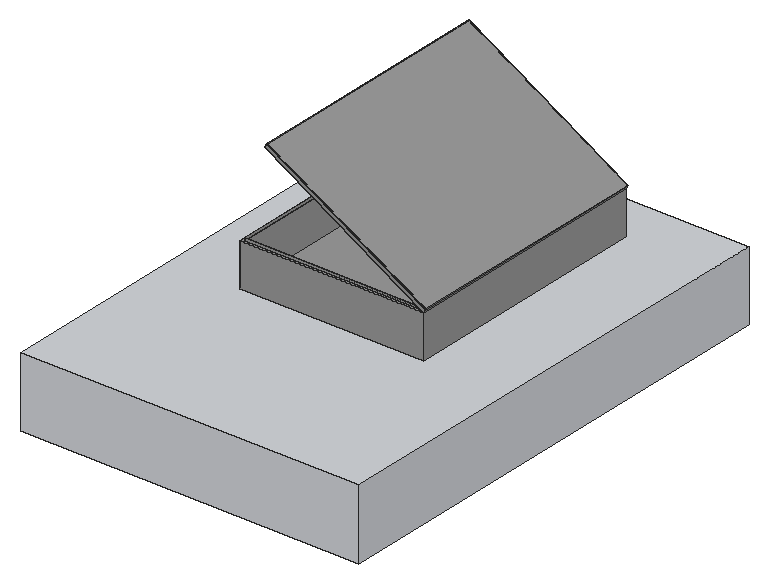
Revit family "Hager-Univers-IP44-D205-H1100-Cl.II-Encl-AT-de", category Equipement électrique, Revit 2020
Family settings
  Hôte = Face
  Configuration du panneau = Deux colonnes, circuits au sein
  Cote de connecteur circulaire = Utiliser le diamètre
  Type d'élément = Tableau de raccordement
  Couper avec des vides une fois chargée = Non
  Partagée = Non
  Point de calcul de pièce = Non
Parameters (values of type "Aufputz IP44 B800 H1100 T205  - FP73SN2")
  Width Control [instance] = if([EF000008 - Breite] > Min Width, [EF000008 - Breite], Min Width)  # 800 mm
  Commentaires du type = [HG000003 - Bereich]  # "Univers"
  Thickness Door [instance] = if([EF009171 - Materialstärke Tür/Deckel] > 3 mm, 3 mm, [EF009171 - Materialstärke Tür/Deckel])  # 1 mm
  Seal Frame Offset [instance] = 17 mm  # constant formula
  Plinth Visibility [instance] = [HG000027 - Sockelhöhe] > 0 mm  # no
  Model = ""
  Min Width [instance] = 100 mm  # constant formula
  Min Height [instance] = 100 mm  # constant formula
  Min Depth [instance] = (2 * [EF009170 - Materialstärke Gehäuse]) + 1 mm  # 3 mm
  Internal Frame Depth [instance] = (Door System Depth * 0.5)  # 9 mm
  Height Control [instance] = if([EF000040 - Höhe] > Min Height, [EF000040 - Höhe], Min Height)  # 1100 mm
  HG000027 - Sockelhöhe = 0 mm
  HG000026 - Stehend auf dem Boden = no
  HG000024 - Höhe des unteren Teils = 800 mm
  HG000023 - Gehäuse mit doppeltem Querschnitt = no
  HG000016 - 3D-Türsichtbarkeit [instance] = yes
  HG000015 - Sichtbarkeit der Türöffnung [instance] = no
  HG000014 - Tür rechts [instance] = yes
  HG000013 - Tür links [instance] = not([HG000014 - Tür rechts])  # no
  HG000012 - Türschwenkwinkel [instance] = 30.00°
  HG000010 - Asymmetrische Türen = no
  HG000009 - Doppelflügeligen Tür = no
  HG000006 - Unterputz = no
  HG000004 - Herstellerreferenz = "FP73SN2"
  HG000003 - Bereich = "Univers"
  HG000002 - Mit tür = yes
  Frame Offset Bottom [instance] = 10 mm  # constant formula
  Frame Offset [instance] = 15 mm  # constant formula
  EF015940 - Deckel mit Überdruckentlastung = no
  EF011959 - Schutzart (NEMA) = ""
  EF009554 - Anzahl der Öffnungen für Flanschplatten = 6
  Fabricant = "Hager"  # constant formula
  EF009212 - Ausführung Deckel = "EV000116 - geschlossen"
  EF009171 - Materialstärke Tür/Deckel = 1 mm
  EF009170 - Materialstärke Gehäuse = 1 mm
  EF008873 - Nennstrom (In) = 250 A
  EF007800 - Geeignet für Blitzschutz = no
  EF006306 - Mit Schloss = no
  EF006244 - Transparenter Deckel/Tür = no
  EF005474 - Schutzart (IP) = "EV006418 - IP44"
  EF004464 - Art der Tür = "EV002646 - Einzel"
  EF004427 - Anzahl der Module = 252
  EF004293 - Schlagfestigkeit = "EV006815 - IK09"
  EF003532 - Geeignet für Außengebrauch = no
  EF002950 - Breite in Teilungseinheiten = 36
  EF001613 - Funktionserhalt = "EV000494 - ohne"
  EF001596 - Werkstoff des Gehäuses = "EV000179 - Stahl"
  EF001131 - Innentiefe = 143 mm
  EF001088 - Anbaumöglichkeit = yes
  EF000437 - Anzahl der Leitungseinführungen = 6
  EF000339 - Art der Abdeckung = "EV001012 - Deckel"
  EF000266 - Anzahl der Reihen = 7
  EF000218 - Einbautiefe = 205 mm
  EF000118 - Mit Montageplatte = no
  EF000116 - RAL-Nummer = "9010"
  EF000049 - Tiefe = 205 mm
  EF000040 - Höhe = 1100 mm
  EF000008 - Breite = 800 mm
  EF000007 - Farbe = "EV000202 - weiß"
  EF000003 - Montageart = "EV000384 - Aufputz"
  Door System Leaf Tolerance [instance] = 1.5 mm  # constant formula
  Door System Depth [instance] = 18 mm  # constant formula
  Door Height [instance] = Height Control - [HG000027 - Sockelhöhe]  # 1100 mm
  Depth Control [instance] = if([EF000049 - Tiefe] > Min Depth, [EF000049 - Tiefe], Min Depth)  # 205 mm
  Default Elevation = 0 mm
  Connector Offset [instance] = Height Control / 2  # 550 mm
  Bottom Top Plate Trim [instance] = 1.5 mm  # constant formula
  Plinth height Ctrl [instance] = if([HG000027 - Sockelhöhe] > 0 mm, [HG000027 - Sockelhöhe], 12 mm)  # 12 mm
Types (5, lengths in mm): name | Width Control | HG000010 - Asymmetrische Türen | HG000009 - Doppelflügeligen Tür | HG000004 - Herstellerreferenz | EF009554 - Anzahl der Öffnungen für Flanschplatten | EF004464 - Art der Tür | EF004427 - Anzahl der Module | EF002950 - Breite in Teilungseinheiten | EF000437 - Anzahl der Leitungseinführungen | EF000008 - Breite
  Aufputz IP44 B1050 H1100 T205  - FP74SN2 | 1050 | no | yes | "FP74SN2" | 8 | "EV003602 - Doppel" | 336 | 48 | 8 | 1050
  Aufputz IP44 B1300 H1100 T205  - FP75SN2 | 1300 | yes | yes | "FP75SN2" | 10 | "EV003602 - Doppel" | 420 | 60 | 10 | 1300
  Aufputz IP44 B300 H1100 T205  - FP71SN2 | 300 | no | no | "FP71SN2" | 2 | "EV002646 - Einzel" | 84 | 12 | 2 | 300
  Aufputz IP44 B550 H1100 T205  - FP72SN2 | 550 | no | no | "FP72SN2" | 4 | "EV002646 - Einzel" | 168 | 24 | 4 | 550
  Aufputz IP44 B800 H1100 T205  - FP73SN2 | 800 | no | no | "FP73SN2" | 6 | "EV002646 - Einzel" | 252 | 36 | 6 | 800
Reference planes
  plane 1 "Center (Front/Back)": y = 0
  plane 2: z = 0
  plane 3 "Center (Left/Right)": x = 0
  plane 4: z = 205
  plane 5: y = 1
  plane 6: y = 550
  plane 7: y = 0
  plane 8: y = 1100
  plane 9: z = 0
  plane 10: x = -385
  plane 11: x = 385
  plane 12: x = 384
  plane 13: x = -384
  plane 14: y = 1099
  plane 15: x = -383
  plane 16: x = -400
  plane 17: x = 383
  plane 18: x = 400
  plane 19: x = 399
  plane 20: x = -399
  plane 21: y = 11
  plane 22: y = 1100
  plane 23: y = 1084
  plane 24: z = 187
  plane 25: z = 1
  plane 26: z = 186
  plane 27: z = 204
Forms (mm)
  Extrusion 1, solid
    sketch origin (0, 0, 0) x (1, 0, 0) y (0, 1, 0)
      loop
        line (-702.964, 1305) -> (-702.964, -811.445) -> (766.763, -811.445) -> (766.763, 1305) -> (-702.964, 1305)
    from 0 to -304.8
  Extrusion 2, solid, material "Hager_Steel_RAL7035_Light_Grey", visible <- "Plinth Visibility", detail levels medium+fine
    sketch origin (0, 0, 0) x (1, 0, 0) y (0, 1, 0)
      loop
        line (-400, 0) -> (400, 0) -> (400, 12) -> (-400, 12) -> (-400, 0)
    from 0 to 187
  Extrusion 3, solid, material "Hager_Steel_RAL7035_Light_Grey", detail levels medium+fine
    sketch origin (0, 0, 0) x (1, 0, 0) y (0, 1, 0)
      loop
        line (-400, 0) -> (400, 0) -> (400, 1100) -> (-400, 1100) -> (-400, 0)
    from 0 to 187
  Extrusion 4, void
    sketch origin (0, 0, 0) x (1, 0, 0) y (0, 1, 0)
      loop
        line (-399, 1) -> (399, 1) -> (399, 1099) -> (-399, 1099) -> (-399, 1)
    from 1 to 186
  Extrusion 5, void
    sketch origin (-381.607, -4572, 187) x (0, -1, 0) y (-1, 0, 0)
      loop
        line (-4583, 2.393) -> (-5656, 2.393) -> (-5656, -765.607) -> (-4583, -765.607) -> (-4583, 2.393)
    from 0 to 1 <- "EF009170 - Materialstärke Gehäuse"
  Extrusion 6, solid, material "Hager_Steel_RAL7035_Light_Grey", detail levels fine
    sketch origin (0, 0, 187) x (1, 0, 0) y (0, 1, 0)
      loop
        line (-384, 1084) -> (-384, 11) -> (384, 11) -> (384, 1084) -> (-384, 1084)
      loop
        line (-385, 10) -> (385, 10) -> (385, 1085) -> (-385, 1085) -> (-385, 10)
    from 0 to 9 <- "Internal Frame Depth"
  Extrusion 7, solid, material "Hager_Steel_RAL7035_Light_Grey", detail levels coarse
    sketch origin (0, 0, 0) x (1, 0, 0) y (0, 1, 0)
      loop
        line (-400, 0) -> (400, 0) -> (400, 1100) -> (-400, 1100) -> (-400, 0)
    from 0 to 205
  Sweep 8, void
    path in 3D
      loop
        line (-400, 12, 0) -> (400, 12, 0) -> (400, 12, 187) -> (-400, 12, 187) -> (-400, 12, 0)
    profile origin (-400, 12, 93.5) x (-1, 0, 0) y (0, -1, 0)
      loop
        line (0, 0) -> (0, 1.5) -> (-1.5, 1.5)
        arc (-1.5, 1.5) -> (-1.061, 0.439) -> (0, 0) r 1.5
Cuts and joins
  Extrusion 4, Extrusion 5 cuts Extrusion 3
  Sweep 8 cuts Extrusion 2
Lines and regions (mm)
  Masking region 1
    outline origin (0, 0, 0) x (1, 0, 0) y (0, 0, 1)
      loop
        line (-400, 205) -> (-400, 0) -> (400, 0) -> (400, 205) -> (-400, 205)
  Masking region 2, detail levels medium+fine
    outline origin (0, 140, 0) x (0, 1, 0) y (0, 0, 1)
      loop
        line (-140, 0) -> (960, 0) -> (960, 187) -> (-140, 187) -> (-140, 0)
  Masking region 3, not visible, detail levels medium+fine
    outline origin (0, 297.922, 0) x (0, 1, 0) y (0, 0, 1)
      loop
        line (263.578, 0) -> (303.578, 0) -> (303.578, 194)
        arc (303.578, 194) -> (300.649, 201.071) -> (293.578, 204) r 10
        line (293.578, 204) -> (263.578, 204) -> (263.578, 0)
  Masking region 4, detail levels coarse
    outline origin (0, 0, 180) x (0, 1, 0) y (0, 0, 1)
      loop
        line (0, -180) -> (1100, -180) -> (1100, 25) -> (0, 25) -> (0, -180)
  Masking region 5, visible <- "Plinth Visibility", detail levels medium+fine
    outline origin (0, 52.24, 12.345) x (0, 0, -1) y (0, 1, 0)
      loop
        line (10.845, -40.24) -> (-173.155, -40.24)
        arc (-173.155, -40.24) -> (-173.594, -41.301) -> (-174.655, -41.74) r 1.5
        line (-174.655, -41.74) -> (-174.655, -52.24) -> (12.345, -52.24) -> (12.345, -41.74)
        arc (12.345, -41.74) -> (11.285, -41.301) -> (10.845, -40.24) r 1.5
  Masking region 6, detail levels medium+fine
    outline origin (-381.607, -4572, 187) x (-1, 0, 0) y (0, -1, 0)
      loop
        line (18.393, -5672) -> (18.393, -4572) -> (-781.607, -4572) -> (-781.607, -5672) -> (18.393, -5672)
  Masking region 7, visible <- "Plinth Visibility", detail levels medium+fine
    outline origin (-381.607, -4727, 187) x (-1, 0, 0) y (0, -1, 0)
      loop
        arc (16.893, -4739) -> (17.332, -4737.939) -> (18.393, -4737.5) r 1.5
        line (18.393, -4737.5) -> (18.393, -4727) -> (-781.607, -4727) -> (-781.607, -4737.5)
        arc (-781.607, -4737.5) -> (-780.546, -4737.939) -> (-780.107, -4739) r 1.5
        line (-780.107, -4739) -> (16.893, -4739)
  Masking region 8, detail levels coarse
    outline origin (-442.548, -4669.526, 187) x (-1, 0, 0) y (0, -1, 0)
      loop
        line (-42.548, -5769.526) -> (-42.548, -4669.526) -> (-842.548, -4669.526) -> (-842.548, -5769.526) -> (-42.548, -5769.526)
  sketch lines
    curve 1: line (-400, 12, 187) -> (-400, 12, 0)
    curve 2: line (400, 12, 187) -> (-400, 12, 187)
    curve 3: line (400, 12, 187) -> (400, 12, 0)
    curve 4: line (-400, 12, 0) -> (400, 12, 0)
Dimensions and locks
  "Depth Control": plane 4 to Extrusion 1
  "HG000027 - Sockelhöhe": plane 1 "Center (Front/Back)" to plane 7
  "EF009170 - Materialstärke Gehäuse": plane 5 to plane 7
  locked: connector elem to plane 3 "Center (Left/Right)"
  equal spacing: plane 8, plane 6, plane 7
  locked: connector elem to plane 6
  "EF009170 - Materialstärke Gehäuse": plane 8 to plane 14
  "EF009170 - Materialstärke Gehäuse": plane 10 to plane 13
  "EF009170 - Materialstärke Gehäuse": plane 12 to plane 11
  "Frame Offset": plane 20 to plane 13
  "Frame Offset": plane 12 to plane 19
  "EF009170 - Materialstärke Gehäuse": plane 16 to plane 20
  "EF009170 - Materialstärke Gehäuse": plane 19 to plane 18
  "Seal Frame Offset": plane 16 to plane 15
  "Seal Frame Offset": plane 17 to plane 18
  "Frame Offset Bottom": plane 21 to plane 5
  "Frame Offset": plane 14 to plane 23
  equal spacing: plane 16, plane 3 "Center (Left/Right)", plane 18
  "Width Control": plane 16 to plane 18
  "EF009170 - Materialstärke Gehäuse": plane 4 to plane 27
  "EF009170 - Materialstärke Gehäuse": plane 24 to plane 26
  "EF009170 - Materialstärke Gehäuse": plane 25 to level
  "Door System Depth": plane 4 to plane 24
  "Height Control": plane 1 "Center (Front/Back)" to Extrusion 7 sketch curve
  "Height Control": Masking region 4 sketch curve to plane 1 "Center (Front/Back)"
  "Height Control": plane 1 "Center (Front/Back)" to plane 22
  "Bottom Top Plate Trim": profile plane to Sweep 8 sketch curve
  "Bottom Top Plate Trim": Sweep 8 sketch curve to profile plane
  "Plinth height Ctrl": plane 1 "Center (Front/Back)" to Extrusion 2 sketch curve
  "Plinth height Ctrl": Masking region 5 sketch curve to plane 1 "Center (Front/Back)"
  "Plinth height Ctrl": plane 1 "Center (Front/Back)" to Masking region 7 sketch curve
  "Thickness Door": Extrusion 6 sketch curve to Extrusion 6 sketch curve  (x3)
  "Thickness Door": cut or joined group of Extrusion 3, Extrusion 4, Extrusion 5 to Extrusion 6 sketch curve
  radius of Masking region 3 sketch curve = 10 mm
  "Bottom Top Plate Trim": radius of Masking region 5 sketch curve  (x2)
  "Bottom Top Plate Trim": radius of Sweep 8 sketch curve
  "Bottom Top Plate Trim": radius of Masking region 7 sketch curve  (x2)
  aligned and locked: plane 2 to Extrusion 1
  aligned and locked: level to Extrusion 1
  aligned and locked: level to Masking region 1 sketch curve
  aligned and locked: Masking region 1 sketch curve to plane 18
  aligned and locked: Masking region 1 sketch curve to plane 16
  aligned and locked: plane 7 to Masking region 2 sketch curve
  aligned and locked: level to Masking region 3 sketch curve
  aligned and locked: Masking region 3 sketch curve to plane 27
  aligned and locked: level to Masking region 2 sketch curve
  aligned and locked: plane 1 "Center (Front/Back)" to Extrusion 2 sketch curve
  aligned and locked: Extrusion 3 sketch curve to plane 7
  aligned and locked: plane 16 to Extrusion 3 sketch curve
  aligned and locked: plane 18 to Extrusion 3 sketch curve
  aligned and locked: plane 20 to Extrusion 4 sketch curve
  aligned and locked: plane 19 to Extrusion 4 sketch curve
  aligned and locked: Extrusion 4 sketch curve to plane 5
  aligned and locked: Extrusion 4 to plane 25
  aligned and locked: plane 26 to Extrusion 4
  aligned and locked: plane 24 to Extrusion 3
  aligned and locked: Extrusion 5 sketch curve to plane 21
  aligned and locked: Extrusion 5 sketch curve to plane 13
  aligned and locked: Extrusion 5 sketch curve to plane 12
  aligned and locked: plane 18 to Extrusion 7 sketch curve
  aligned and locked: plane 1 "Center (Front/Back)" to Extrusion 7 sketch curve
  aligned and locked: plane 16 to Extrusion 7 sketch curve
  aligned and locked: plane 4 to Extrusion 7
  aligned and locked: Extrusion 7 to level
  aligned and locked: level to Masking region 4 sketch curve
  aligned and locked: Masking region 4 sketch curve to plane 1 "Center (Front/Back)"
  aligned and locked: Masking region 4 sketch curve to plane 4
  aligned and locked: nested 1 to level
  aligned and locked: nested 1 to plane 16
  aligned and locked: plane 8 to Extrusion 3 sketch curve
  aligned and locked: plane 23 to Extrusion 5 sketch curve
  aligned and locked: plane 14 to Extrusion 4 sketch curve
  aligned and locked: Masking region 2 sketch curve to plane 8
  aligned and locked: level to Masking region 5 sketch curve
  aligned and locked: plane 16 to Extrusion 2 sketch curve
  aligned and locked: plane 18 to Extrusion 2 sketch curve
  aligned and locked: Masking region 5 sketch curve to plane 24
  aligned and locked: Masking region 2 sketch curve to plane 24
  aligned and locked: plane 24 to Extrusion 2
  aligned and locked: profile plane to Sweep 8 sketch curve  (x2)
  aligned and locked: Masking region 6 sketch curve to plane 18
  aligned and locked: Masking region 6 sketch curve to plane 22
  aligned and locked: Masking region 6 sketch curve to plane 16
  aligned and locked: plane 8 to plane 22
  aligned and locked: Masking region 6 sketch curve to plane 7
  aligned and locked: Masking region 7 sketch curve to plane 16
  aligned and locked: Masking region 7 sketch curve to plane 1 "Center (Front/Back)"
  aligned and locked: Masking region 7 sketch curve to plane 18
  aligned and locked: Masking region 8 sketch curve to plane 1 "Center (Front/Back)"
  aligned and locked: Masking region 8 sketch curve to plane 18
  aligned and locked: Masking region 8 sketch curve to plane 22
  aligned and locked: Masking region 8 sketch curve to plane 16
  aligned and locked: nested 2 to plane 7
  aligned and locked: plane 3 "Center (Left/Right)" to nested 2
  aligned and locked: nested 2 to plane 24
  aligned and locked: Extrusion 6 sketch curve to cut or joined group of Extrusion 3, Extrusion 4, Extrusion 5  (x4)
Automatic sketch dimensions
  Extrusion 1 sketch curve to Extrusion 1 sketch curve = 1469.727 mm
  Extrusion 1 sketch curve to Extrusion 1 sketch curve = 2116.445 mm
  Masking region 1 sketch curve to plane 4 = 0 mm
  plane 6 to Masking region 3 sketch curve = 11.5 mm
  Masking region 3 sketch curve to Masking region 3 sketch curve = 30 mm
  Masking region 5 sketch curve to plane 1 "Center (Front/Back)" = 0 mm
Nested families
  nested 1: "Hager_Enclosure_Symbol" at (-400, 0, 0) x (1, 0, 0) z (0, -1, 0), Height <- "Depth Control", Width <- "Width Control", type "Hager_Enclosure_Symbol"
    with Width_Ctrl 800 mm, Width 800 mm, Height_Ctrl 205 mm, Height 205 mm, A_Width_Int 13.453 mm, A_Width 161.438 mm, A_Height_Ctrl 179.375 mm, A_Height 179.375 mm
  nested 2: "EC000058_Univers_Door" at (0, 0, 187) x (1, 0, 0) z (0, 1, 0), Leaf_Tolerance <- "Door System Leaf Tolerance", Angle <- "HG000012 - Türschwenkwinkel", Door_Depth <- "Door System Depth", Door_Left <- "HG000013 - Tür links", Transparent <- "EF006244 - Transparenter Deckel/Tür", Assymetrical <- "HG000010 - Asymmetrische Türen", Width <- "Width Control", Clearance <- "HG000015 - Sichtbarkeit der Türöffnung", Double <- "HG000009 - Doppelflügeligen Tür", 3d_Door <- "HG000016 - 3D-Türsichtbarkeit", Lock_Visibility <- "EF006306 - Mit Schloss", Width_Ctrl <- "Width Control", Door_Right <- "HG000014 - Tür rechts", Door <- "HG000002 - Mit tür", Height <- "Door Height", Thickness <- "Thickness Door", type "EC000058_Univers_Door", detail levels medium+fine
    with min_wh 3 mm, Width_Ctrl 800 mm, Width 800 mm, Transparent no, Thickness 1 mm, Seal_Material Hager_Rubber, Lock_Visibility no, Lock_Material Hager_Plastic_RAL9005_Jet_Black, Leaf_Width 800 mm, Leaf_Tolerance_External_Sides 0 mm, Leaf_Tolerance 1.5 mm, Leaf_Offset 0 mm, Leaf_Height 1097 mm, Leaf_2_Width 800 mm, Leaf_2_Offset 400 mm, Leaf_1_Width 800 mm, Leaf_1_Offset 400 mm, Height_Ctrl 1100 mm, Height 1100 mm, Glass_Material Hager_Glass, Double_Clearance_Ctrl no, Double no, Door_Right_Ctrl yes, Door_Right yes, Door_Material Hager_Steel_RAL7035_Light_Grey, Door_Left_Ctrl no, Door_Left no, Door_Depth 18 mm, Door yes, Clearance_Material Hager_Clearance, Clearance_Depth 800 mm, Clearance_Ctrl no, Clearance no, Assymetrical no, Angle 30.00°, 3d_Door yes
Connectors
  electrical at (0, 550, 0)
    settings: on plane 9, index 1, voltage 0 V, apparent load 0 VA, apparent load phase1 0 VA, apparent load phase2 0 VA, apparent load phase3 0 VA, power factor 1, load classification "Other", number of poles 1, system type 30, power factor state 1, is connector primary yes, connector utility no, sub classification motor no, connector description ""
Definition of nested family "EC000058_Univers_Door"
  Parameters (values of type "EC000058_Univers_Door")
    min_wh [instance] = (2 * Thickness) + 1 mm  # 11 mm
    Width_Ctrl [instance] = 400 mm
    Width [instance] = 500 mm
    Transparent [instance] = yes
    Thickness [instance] = 5 mm
    Seal_Material [instance] = none
    Lock_Visibility [instance] = yes
    Lock_Material [instance] = none
    Leaf_Width [instance] = if((Width_Ctrl - 2 * Leaf_Tolerance_External_Sides) > 0 mm, (Width_Ctrl - 2 * Leaf_Tolerance_External_Sides), min_wh)  # 400 mm
    Leaf_Tolerance_External_Sides [instance] = 0 mm  # constant formula
    Leaf_Tolerance [instance] = 1.5 mm
    Leaf_Offset [instance] = 0 mm  # constant formula
    Leaf_Height [instance] = if((Height_Ctrl - 2 * Leaf_Tolerance) > 0 mm, (Height_Ctrl - 2 * Leaf_Tolerance), min_wh)  # 497 mm
    Leaf_2_Width [instance] = if(and(and(Double, Assymetrical), Door_Left), (Leaf_Width / 3) - (Leaf_Tolerance / 2), if(and(and(Double, Assymetrical), Door_Right), (Leaf_Width / 3) * 2 - (Leaf_Tolerance / 2), if(and(Double, not(Assymetrical)), (Leaf_Width / 2) - Leaf_Tolerance, Leaf_Width)))  # 400 mm
    Leaf_2_Offset [instance] = if(and(Double, Assymetrical), Leaf_2_Width / 2, if(and(Double, not(Assymetrical)), Leaf_Width / 4, Leaf_Width / 2))  # 200 mm
    Leaf_1_Width [instance] = if(and(and(Double, Assymetrical), Door_Right), (Leaf_Width / 3) - (Leaf_Tolerance / 2), if(and(and(Double, Assymetrical), Door_Left), (Width / 3) * 2 - (Leaf_Tolerance / 2), if(and(Double, not(Assymetrical)), (Leaf_Width / 2) - Leaf_Tolerance, Leaf_Width)))  # 400 mm
    Leaf_1_Offset [instance] = if(and(Double, Assymetrical), Leaf_1_Width / 2, if(and(Double, not(Assymetrical)), Leaf_Width / 4, Leaf_Width / 2))  # 200 mm
    Height_Ctrl [instance] = if(Height > min_wh, Height, min_wh)  # 500 mm
    Height [instance] = 500 mm
    Glass_Material [instance] = none
    Double_Clearance_Ctrl [instance] = and(Double, Clearance)  # no
    Double [instance] = no
    Door_Right_Ctrl [instance] = and(or(Door_Right, Double), Door)  # yes
    Door_Right [instance] = yes
    Door_Material [instance] = none
    Door_Left_Ctrl [instance] = and(or(Door_Left, Double), Door)  # no
    Door_Left [instance] = no
    Door_Depth [instance] = 30 mm
    Door [instance] = yes
    Default Elevation = 1219.2 mm
    Clearance_Material [instance] = none
    Clearance_Depth [instance] = if(Leaf_1_Width > Leaf_2_Width, Leaf_1_Width, Leaf_2_Width)  # 400 mm
    Clearance_Ctrl [instance] = and(not(Double), Clearance)  # yes
    Clearance [instance] = yes
    Assymetrical [instance] = yes
    Angle [instance] = 30.00°
    3d_Door [instance] = yes
  Reference planes
    plane 1 "Center (Front/Back)": y = 0
    plane 2 "Bottom": z = 0
    plane 3 "Center (Left/Right)": x = 0
    plane 4: z = 500
    plane 5: x = -200
    plane 6: x = 200
    plane 7: z = 500
    plane 8: x = -200
    plane 9: z = 0
    plane 10: x = 200
    plane 11: y = 0
    plane 12: z = 1.5
    plane 13: x = -600
    plane 14: y = -400
    plane 15: x = 600
    plane 16: x = 0
    plane 17: x = 0
    plane 18: x = -200
    plane 19: x = 200
    plane 20: z = 498.5
  Forms (mm)
    Extrusion 1, solid, material <- "Clearance_Material", visible <- "Double_Clearance_Ctrl"
      sketch origin (1200, 0, 0) x (1, 0, 0) y (0, 0, -1)
        loop
          line (-1800, -498.5) -> (-600, -498.5) -> (-600, 0) -> (-1800, 0) -> (-1800, -498.5)
      from 0 to -400
  Dimensions and locks
    equal spacing: plane 5, plane 3 "Center (Left/Right)", plane 6
    "Width_Ctrl": plane 5 to plane 6
    "Leaf_Offset": plane 5 to plane 8
    "Leaf_Offset": plane 6 to plane 10
    "Leaf_Offset": plane 9 to level
    "Leaf_Offset": plane 4 to plane 7
    "Height_Ctrl": plane 4 to level
    "Leaf_Tolerance": plane 12 to plane 9
    locked: plane 11 to plane 1 "Center (Front/Back)"
    "Leaf_1_Offset": plane 18 to plane 16
    "Leaf_2_Offset": plane 17 to plane 19
    "Leaf_1_Width": plane 13 to plane 8
    "Leaf_2_Width": plane 10 to plane 15
    "Clearance_Depth": plane 14 to plane 1 "Center (Front/Back)"
    "Leaf_Tolerance_External_Sides": plane 8 to plane 18
    "Leaf_Tolerance_External_Sides": plane 19 to plane 10
    "Leaf_Tolerance": plane 7 to plane 20
    aligned and locked: level to plane 2 "Bottom"
    aligned and locked: nested 1 to plane 16
    aligned and locked: nested 2 to plane 17
    aligned and locked: Extrusion 1 to plane 13
    aligned and locked: plane 15 to Extrusion 1
    aligned and locked: Extrusion 1 to plane 14
    aligned and locked: plane 12 to nested 1
    aligned and locked: nested 2 to plane 12
    aligned and locked: Extrusion 1 to plane 11
    aligned and locked: plane 20 to Extrusion 1
    aligned and locked: nested 2 to plane 11
    aligned and locked: nested 1 to plane 11
  Automatic sketch dimensions
    Extrusion 1 sketch curve to level = 0 mm
    plane 5 to Extrusion 1 sketch curve = 400 mm
    plane 6 to Extrusion 1 sketch curve = 400 mm
    Extrusion 1 sketch curve to plane 4 = 1.5 mm
  Nested families
    nested 1: "EC000058_Univers_Door_Leaf" at (0, 0, 1.5), Width <- "Leaf_1_Width", visible <- "Door_Left_Ctrl", Leaf_Height <- "Leaf_Height", Angle <- "Angle", 3d_Door <- "3d_Door", Transparent <- "Transparent", Clearance Material <- "Clearance_Material", Clearance <- "Clearance_Ctrl", Door_Material <- "Door_Material", Glass_Material <- "Glass_Material", Door_Depth <- "Door_Depth", Lock_Material <- "Lock_Material", Seal_Material <- "Seal_Material", Lock_Visibility <- "Lock_Visibility", Thickness <- "Thickness", type "EC000058_Univers_Door_Leaf"
      with Width 400 mm, Transparent_Glass_Offset 30 mm, Transparent_Ctrl yes, Transparent yes, Thickness 5 mm, Standard no, Seal_Material none, Seal_D2 8 mm, Seal_D1 1 mm, Offset_Internal_Frame 10 mm, Lock_Width 20 mm, Lock_Visibility_3d yes, Lock_Visibility yes, Lock_Thickness_3 3 mm, Lock_Thickness_2 1 mm, Lock_Thickness_1 3 mm, Lock_Radius_Offset_2 16 mm, Lock_Radius_Offset_1 15 mm, Lock_Radius_2 5 mm, Lock_Radius 6 mm, Lock_Offset 5 mm, Lock_Material none, Lock_Height 80 mm, Lock_Cover_Top_Offset_2d 17 mm, Lock_Cover_Height -65 mm, Leaf_Height 497 mm, Internal_Seal_Thickness 8 mm, Internal_Seal_Depth_2 4.5 mm, Internal_Frame_Depth 25 mm, Glass_Thickness -1 mm, Glass_Offset -2 mm, Glass_Material none, Door_Material none, Door_Depth 30 mm, Clearance Material none, Clearance yes, Angle_Ctrl 30.00°, Angle 30.00°, 3d_Door yes
    nested 2: "EC000058_Univers_Door_Leaf" at (0, 0, 1.5) x (-1, 0, 0) z (0, 0, 1), Width <- "Leaf_2_Width", visible <- "Door_Right_Ctrl", Leaf_Height <- "Leaf_Height", Angle <- "Angle", 3d_Door <- "3d_Door", Transparent <- "Transparent", Clearance Material <- "Clearance_Material", Clearance <- "Clearance_Ctrl", Door_Material <- "Door_Material", Glass_Material <- "Glass_Material", Door_Depth <- "Door_Depth", Lock_Material <- "Lock_Material", Seal_Material <- "Seal_Material", Lock_Visibility <- "Lock_Visibility", Thickness <- "Thickness", type "EC000058_Univers_Door_Leaf"
      with Width 400 mm, Transparent_Glass_Offset 30 mm, Transparent_Ctrl yes, Transparent yes, Thickness 5 mm, Standard no, Seal_Material none, Seal_D2 8 mm, Seal_D1 1 mm, Offset_Internal_Frame 10 mm, Lock_Width 20 mm, Lock_Visibility_3d yes, Lock_Visibility yes, Lock_Thickness_3 3 mm, Lock_Thickness_2 1 mm, Lock_Thickness_1 3 mm, Lock_Radius_Offset_2 16 mm, Lock_Radius_Offset_1 15 mm, Lock_Radius_2 5 mm, Lock_Radius 6 mm, Lock_Offset 5 mm, Lock_Material none, Lock_Height 80 mm, Lock_Cover_Top_Offset_2d 17 mm, Lock_Cover_Height -65 mm, Leaf_Height 497 mm, Internal_Seal_Thickness 8 mm, Internal_Seal_Depth_2 4.5 mm, Internal_Frame_Depth 25 mm, Glass_Thickness -1 mm, Glass_Offset -2 mm, Glass_Material none, Door_Material none, Door_Depth 30 mm, Clearance Material none, Clearance yes, Angle_Ctrl 30.00°, Angle 30.00°, 3d_Door yes
  Definition of nested family "EC000058_Univers_Door_Leaf"
    Parameters (values of type "EC000058_Univers_Door_Leaf")
      Width [instance] = 2000 mm
      Transparent_Glass_Offset [instance] = 30 mm
      Transparent_Ctrl [instance] = and(Transparent, [3d_Door])  # yes
      Transparent [instance] = yes
      Thickness [instance] = 5 mm
      Standard [instance] = and(not(Transparent), [3d_Door])  # no
      Seal_Material [instance] = none
      Seal_D2 [instance] = 8 mm  # constant formula
      Seal_D1 [instance] = 1 mm  # constant formula
      Offset_Internal_Frame [instance] = 10 mm  # constant formula
      Lock_Width [instance] = 20 mm  # constant formula
      Lock_Visibility_3d [instance] = and(Lock_Visibility, [3d_Door])  # yes
      Lock_Visibility [instance] = yes
      Lock_Thickness_3 [instance] = 3 mm  # constant formula
      Lock_Thickness_2 [instance] = 1 mm  # constant formula
      Lock_Thickness_1 [instance] = 3 mm  # constant formula
      Lock_Radius_Offset_2 [instance] = Lock_Radius_Offset_1 + 1 mm  # 16 mm
      Lock_Radius_Offset_1 [instance] = 15 mm  # constant formula
      Lock_Radius_2 [instance] = Lock_Radius - 1 mm  # 5 mm
      Lock_Radius [instance] = 6 mm  # constant formula
      Lock_Offset [instance] = 5 mm  # constant formula
      Lock_Material [instance] = none
      Lock_Height [instance] = 80 mm  # constant formula
      Lock_Cover_Top_Offset_2d [instance] = Lock_Radius_Offset_2 + 1 mm  # 17 mm
      Lock_Cover_Height [instance] = -(Lock_Height - Lock_Radius_Offset_1)  # -65 mm
      Leaf_Height [instance] = 2720.336 mm
      Internal_Seal_Thickness [instance] = 8 mm  # constant formula
      Internal_Seal_Depth_2 [instance] = 4.5 mm  # constant formula
      Internal_Frame_Depth [instance] = if(Door_Depth - Thickness > 5 mm, Door_Depth - Thickness, 5 mm)  # 25 mm
      Glass_Thickness [instance] = if(Thickness > 15 mm, Glass_Offset + 10 mm, -1 mm)  # -1 mm
      Glass_Offset [instance] = if(Thickness > 15 mm, -(Thickness + 10 mm) / 2, -2 mm)  # -2 mm
      Glass_Material [instance] = none
      Door_Material [instance] = none
      Door_Depth [instance] = 30 mm
      Default Elevation = 0 mm
      Clearance Material [instance] = none
      Clearance [instance] = yes
      Angle_Ctrl [instance] = if(Angle > 180.00°, 180.00°, Angle)  # 90.00°
      Angle [instance] = 90.00°
      3d_Door [instance] = yes
    Reference planes
      plane 1 "Center (Front/Back)": y = 0
      plane 2: z = 0
      plane 3 "Center (Left/Right)": x = 0
      plane 4: y = 2000
      plane 5: x = -1000
      plane 6: x = 1000
      plane 7: x = -3000
      plane 8: z = 2720.336
      plane 9: z = 30
      plane 10: z = 2690.336
      plane 11: x = 970
      plane 12: x = -970
      plane 13: y = -3
      plane 14: z = 107.833
      plane 15: y = -5
      plane 16: y = -223.314
      plane 17: x = -1000
      plane 18: z = 1360.168
      plane 19: y = 30
    Forms (mm)
      Extrusion 1, solid, material <- "Clearance Material", visible <- "Clearance"
        sketch origin (0, 0, 0) x (1, 0, 0) y (0, 0, 1)
          loop
            line (-3000, 2720.336) -> (-3000, 0) -> (1000, 0) -> (1000, 2720.336) -> (-3000, 2720.336)
        from 0 to -2000
      Extrusion 2, solid, material <- "Door_Material", visible <- "Standard", detail levels medium+fine
        sketch origin (-1000, 0, 0) x (0, 1, 0) y (-1, 0, 0)
          loop
            line (0, 30) -> (0, 25) -> (2000, 25) -> (2000, 30) -> (0, 30)
        from 0 to 2720.336 <- "Leaf_Height"
      Extrusion 3, solid, material <- "Door_Material", visible <- "Transparent_Ctrl", detail levels medium+fine
        sketch origin (-1000, 0, 0) x (0, 1, 0) y (-1, 0, 0)
          loop
            line (0, 25) -> (2000, 25) -> (2000, 30) -> (0, 30) -> (0, 25)
        from 0 to 2720.336 <- "Leaf_Height"
      Extrusion 4, void
        sketch origin (-1025, 2000, 0) x (0, 1, 0) y (0, 0, -1)
          loop
            line (-30, -2690.336) -> (-30, -30) -> (-1970, -30) -> (-1970, -2690.336) -> (-30, -2690.336)
        from 0 to 5 <- "Thickness"
      Sweep 5, solid, material <- "Seal_Material", visible <- "Transparent_Ctrl", detail levels fine
        path in 3D
          loop
            line (-1025, 30, 30) -> (-1025, 30, 2690.336) -> (-1025, 1970, 2690.336) -> (-1025, 1970, 30) -> (-1025, 30, 30)
        profile origin (-1025, 1000, 30) x (1, 0, 0) y (0, 0, 1)
          loop
            line (0, 0) -> (0, -8) -> (1, -8) -> (1, 0) -> (0, 0)
      Extrusion 6, solid, material <- "Glass_Material", visible <- "Transparent_Ctrl", detail levels medium+fine
        sketch origin (-1030, 0, 0) x (0, 1, 0) y (0, 0, -1)
          loop
            line (1970, -2690.336) -> (1970, -30) -> (30, -30) -> (30, -2690.336) -> (1970, -2690.336)
        from -2 <- "Glass_Offset" to -1 <- "Glass_Thickness"
      Extrusion 7, solid, material <- "Door_Material", visible <- "3d_Door", detail levels medium+fine
        sketch origin (-1025, 2000, 0) x (0, -1, 0) y (0, 0, -1)
          loop
            line (0, -2720.336) -> (2000, -2720.336) -> (2000, 0) -> (0, 0) -> (0, -2720.336)
          loop
            line (1995, -5) -> (5, -5) -> (5, -2715.336) -> (1995, -2715.336) -> (1995, -5)
        from 0 to 25 <- "Internal_Frame_Depth"
      Sweep 8, solid, material <- "Seal_Material", visible <- "Transparent_Ctrl", detail levels fine
        path in 3D
          loop
            line (-1025, 0, 0) -> (-1025, 2000, 0) -> (-1025, 2000, 2720.336) -> (-1025, 0, 2720.336) -> (-1025, 0, 0)
        profile origin (-1025, 0, 1360.168) x (1, 0, 0) y (0, 1, 0)
          loop
            line (0, 10) -> (2.975, 10)
            arc (2.975, 10) -> (4.053, 10.447) -> (4.5, 11.525) r 1.525
            line (4.5, 11.525) -> (4.5, 16.527)
            arc (4.5, 16.527) -> (4.069, 17.569) -> (3.027, 18) r 1.473
            line (3.027, 18) -> (0, 18) -> (0, 10)
      Extrusion 9, solid, material <- "Lock_Material", visible <- "Lock_Visibility_3d", detail levels fine
        sketch origin (-1030, 0, 0) x (0, 1, 0) y (0, 0, -1)
          loop
            arc (1993.5, -1400.168) -> (1994.561, -1399.729) -> (1995, -1398.668) r 1.5
            line (1995, -1398.668) -> (1995, -1320.168) -> (1975, -1320.168) -> (1975, -1398.668)
            arc (1975, -1398.668) -> (1975.439, -1399.729) -> (1976.5, -1400.168) r 1.5
            line (1976.5, -1400.168) -> (1993.5, -1400.168)
        from 3 <- "Lock_Thickness_1" to 0
      Blend 10, solid, material <- "Lock_Material", visible <- "Lock_Visibility_3d", detail levels fine
        base sketch origin (-1033, 0, 0) x (0, 1, 0) y (0, 0, -1)
          loop
            line (1975, -1320.168) -> (1975, -1398.668)
            arc (1975, -1398.668) -> (1975.439, -1399.729) -> (1976.5, -1400.168) r 1.5
            line (1976.5, -1400.168) -> (1993.5, -1400.168)
            arc (1993.5, -1400.168) -> (1994.561, -1399.729) -> (1995, -1398.668) r 1.5
            line (1995, -1398.668) -> (1995, -1320.168) -> (1975, -1320.168)
        top sketch origin (-1033, 0, 0) x (0, 1, 0) y (0, 0, -1)
          loop
            line (1976, -1320.168) -> (1976, -1398.668)
            arc (1976, -1398.668) -> (1976.146, -1399.022) -> (1976.5, -1399.168) r 0.5
            line (1976.5, -1399.168) -> (1993.5, -1399.168)
            arc (1993.5, -1399.168) -> (1993.854, -1399.022) -> (1994, -1398.668) r 0.5
            line (1994, -1398.668) -> (1994, -1320.168) -> (1976, -1320.168)
        from 0 to 1 <- "Lock_Thickness_2"
      Blend 11, solid, material <- "Lock_Material", visible <- "Lock_Visibility_3d", detail levels fine
        base sketch origin (-1034, 0, 0) x (0, 1, 0) y (0, 0, -1)
          loop
            line (1978, -1320.168) -> (1978, -1384.168)
            arc (1978, -1384.168) -> (1985, -1391.168) -> (1992, -1384.168) r 7
            line (1992, -1384.168) -> (1992, -1320.168) -> (1978, -1320.168)
        top sketch origin (-1034, 0, 0) x (0, 1, 0) y (0, 0, -1)
          loop
            line (1991, -1320.168) -> (1979, -1320.168) -> (1979, -1383.168)
            arc (1979, -1383.168) -> (1985, -1389.168) -> (1991, -1383.168) r 6
            line (1991, -1383.168) -> (1991, -1320.168)
        from 0 to 3 <- "Lock_Thickness_3"
      Extrusion 12, solid, material <- "Lock_Material", visible <- "Lock_Visibility_3d", detail levels fine
        sketch origin (-1030, 1975, 1320.168) x (1, 0, 0) y (0, -1, 0)
          loop
            line (-7, -19) -> (-7, -1) -> (0, -1) -> (0, 0) -> (-8, 0) -> (-8, -20) -> (0, -20) -> (0, -19) -> (-7, -19)
        from 0 to -65 <- "Lock_Cover_Height"
      Extrusion 13, void
        sketch origin (-1038, 1995, 1320.168) x (-1, 0, 0) y (0, 0, -1)
          loop
            line (-5, -65) -> (0, -65) -> (-5, -60) -> (-5, -65)
        from 0 to 20 <- "Lock_Width"
      Extrusion 14, void
        sketch origin (-1038, 1975, 1320.168) x (0, -1, 0) y (0, 0, -1)
          loop
            circle (-10, -15.995) r 6
          loop
            circle (-10, -15.995) r 5
        from 0 to 2
      Extrusion 15, solid, material <- "Lock_Material", visible <- "Lock_Visibility_3d", detail levels medium
        sketch origin (-1030, 0, 0) x (0, 1, 0) y (0, 0, -1)
          loop
            arc (1993.5, -1400.168) -> (1994.561, -1399.729) -> (1995, -1398.668) r 1.5
            line (1995, -1398.668) -> (1995, -1320.168) -> (1975, -1320.168) -> (1975, -1398.668)
            arc (1975, -1398.668) -> (1975.439, -1399.729) -> (1976.5, -1400.168) r 1.5
            line (1976.5, -1400.168) -> (1993.5, -1400.168)
        from 8 to 0
    Cuts and joins
      Extrusion 4 cuts Extrusion 3
      Extrusion 13, Extrusion 14 cuts Extrusion 9
      Extrusion 14 cuts Blend 11
      Extrusion 13, Extrusion 14 cuts Extrusion 12
      joined: Extrusion 9, Blend 10, Blend 11, Extrusion 12
      Extrusion 14 cuts Extrusion 15
    Lines and regions (mm)
      Masking region 1, visible <- "Lock_Visibility", detail levels fine
        outline origin (0, 0, 0) x (0, 1, 0) y (0, 0, 1)
          loop
            line (30, 1320.168) -> (33, 1320.168) -> (33, 1400.168) -> (30, 1400.168) -> (30, 1320.168)
      Masking region 2, visible <- "Lock_Visibility", detail levels fine
        outline origin (0, 3.143, 0) x (0, 1, 0) y (0, 0, 1)
          loop
            line (29.857, 1354.168) -> (30.857, 1354.168) -> (30.857, 1366.168) -> (29.857, 1366.168) -> (29.857, 1354.168)
      Masking region 3, detail levels medium+fine
        outline origin (0, 0, 0) x (0, 1, 0) y (0, 0, 1)
          loop
            line (0, 0) -> (30, 0) -> (30, 2720.336) -> (0, 2720.336) -> (0, 0)
      Masking region 4, detail levels medium+fine
        outline origin (0, 0, 0) x (1, 0, 0) y (0, 0, 1)
          loop
            line (-1000, 2720.336) -> (-1000, 0) -> (1000, 0) -> (1000, 2720.336) -> (-1000, 2720.336)
      Masking region 5, visible <- "Lock_Visibility", detail levels fine
        outline origin (-47.116, 0, 0) x (1, 0, 0) y (0, 0, 1)
          loop
            arc (1024.616, 1399.168) -> (1023.556, 1398.729) -> (1023.116, 1397.668) r 1.5
            line (1023.116, 1397.668) -> (1023.116, 1320.168) -> (1041.116, 1320.168) -> (1041.116, 1397.668)
            arc (1041.116, 1397.668) -> (1040.677, 1398.729) -> (1039.616, 1399.168) r 1.5
            line (1039.616, 1399.168) -> (1024.616, 1399.168)
      Masking region 6, visible <- "Lock_Visibility", detail levels medium+fine
        outline origin (-25, 0, 0) x (1, 0, 0) y (0, 0, 1)
          loop
            arc (1001.5, 1400.168) -> (1000.439, 1399.729) -> (1000, 1398.668) r 1.5
            line (1000, 1398.668) -> (1000, 1320.168) -> (1020, 1320.168) -> (1020, 1398.668)
            arc (1020, 1398.668) -> (1019.561, 1399.729) -> (1018.5, 1400.168) r 1.5
            line (1018.5, 1400.168) -> (1001.5, 1400.168)
      Masking region 7, visible <- "Lock_Visibility", detail levels fine
        outline origin (-73.735, 0, 0) x (1, 0, 0) y (0, 0, 1)
          loop
            line (1051.735, 1382.168) -> (1065.735, 1382.168) -> (1065.735, 1384.168)
            arc (1065.735, 1384.168) -> (1058.735, 1391.168) -> (1051.735, 1384.168) r 7
            line (1051.735, 1384.168) -> (1051.735, 1382.168)
      Masking region 8, visible <- "Lock_Visibility", detail levels fine
        outline origin (-73.735, 0, 0) x (1, 0, 0) y (0, 0, 1)
          loop
            line (1052.735, 1382.168) -> (1064.735, 1382.168) -> (1064.735, 1383.168)
            arc (1064.735, 1383.168) -> (1058.735, 1389.168) -> (1052.735, 1383.168) r 6
            line (1052.735, 1383.168) -> (1052.735, 1382.168)
      Masking region 9, visible <- "Lock_Visibility", detail levels fine
        outline origin (-25, 0, 0) x (1, 0, 0) y (0, 0, 1)
          loop
            line (1020, 1320.168) -> (1020, 1382.168) -> (1000, 1382.168) -> (1000, 1320.168) -> (1020, 1320.168)
      Masking region 10, detail levels medium+fine
        outline origin (0, 0, 0) x (1, 0, 0) y (0, 0, 1)
          loop
            circle (985, 1335.144) r 6
      Masking region 11, detail levels fine
        outline origin (0, 0, 0) x (1, 0, 0) y (0, 0, 1)
          loop
            circle (985, 1335.144) r 5
      Masking region 12, visible <- "Lock_Visibility", detail levels fine
        outline origin (0, 12.767, 0) x (0, 1, 0) y (0, 0, 1)
          loop
            line (20.233, 1320.168) -> (21.233, 1320.168) -> (21.233, 1399.168) -> (20.233, 1400.168) -> (20.233, 1320.168)
      Masking region 13, visible <- "Lock_Visibility", detail levels fine
        outline origin (0, 13.767, -10) x (0, 1, 0) y (0, 0, 1)
          loop
            line (20.233, 1330.168) -> (23.233, 1330.168) -> (23.233, 1399.168) -> (20.233, 1402.168) -> (20.233, 1330.168)
      Masking region 14, visible <- "Lock_Visibility", detail levels fine
        outline origin (0, 12.767, -10) x (0, 1, 0) y (0, 0, 1)
          loop
            line (20.233, 1330.168) -> (25.233, 1330.168) -> (25.233, 1399.305) -> (20.233, 1394.305) -> (20.233, 1330.168)
      Masking region 15, visible <- "Lock_Visibility", detail levels medium
        outline origin (0, 0, 0) x (0, 1, 0) y (0, 0, 1)
          loop
            line (30, 1320.168) -> (38, 1320.168) -> (38, 1400.168) -> (30, 1400.168) -> (30, 1320.168)
      Masking region 16, visible <- "Lock_Visibility", detail levels fine
        outline origin (-1000, 0, 0) x (0, 1, 0) y (-1, 0, 0)
          loop
            line (1975, 30) -> (1995, 30) -> (1995, 38) -> (1975, 38) -> (1975, 30)
          loop
            line (1979, 37) -> (1976, 37) -> (1976, 34) -> (1978, 34) -> (1979, 37)
          loop
            line (1994, 37) -> (1991, 37) -> (1992, 34) -> (1994, 34) -> (1994, 37)
      Masking region 17, visible <- "Lock_Visibility", detail levels medium
        outline origin (-1000, 0, 0) x (0, 1, 0) y (-1, 0, 0)
          loop
            line (1975, 30) -> (1995, 30) -> (1995, 38) -> (1975, 38) -> (1975, 30)
      symbolic lines
        curve 1: line (1000, 0, 0) -> (-3000, 0, 0)
        curve 2: arc (1000, 0, 0) -> (-1000, 2000, 0) -> (-3000, 0, 0) r 2000
        curve 4: line (-1030, 0, 0) -> (-1030, 2000, 0)
      reference lines
        curve 3: line (-1000, 0, 0) -> (-1000, 2000, 0)
      symbolic lines, detail levels medium+fine
        curve 5: line (-1030, 2000, 0) -> (-1025, 2000, 0)
        curve 7: line (-1025, 0, 0) -> (-1030, 0, 0)
        curve 8: line (-1025, 0, 0) -> (-1000, 0, 0)
        curve 9: line (-1000, 0, 0) -> (-1000, 2000, 0)
        curve 10: line (-1000, 2000, 0) -> (-1025, 2000, 0)
      symbolic lines, detail levels fine
        curve 6: line (-1025, 2000, 0) -> (-1025, 0, 0)
      sketch lines
        curve 11: line (-1025, 0, 2720.336) -> (-1025, 0, 0)
        curve 12: line (-1025, 2000, 0) -> (-1025, 0, 0)
        curve 13: line (-1025, 2000, 2720.336) -> (-1025, 2000, 0)
        curve 14: line (-1025, 0, 2720.336) -> (-1025, 2000, 2720.336)
        curve 15: line (-1025, 1970, 30) -> (-1025, 30, 30)
        curve 16: line (-1025, 30, 30) -> (-1025, 30, 2690.336)
        curve 17: line (-1025, 1970, 2690.336) -> (-1025, 1970, 30)
        curve 18: line (-1025, 30, 2690.336) -> (-1025, 1970, 2690.336)
      symbolic lines, visible <- "Transparent", detail levels medium+fine
        curve 19: line (-970, 0, 2690.336) -> (970, 0, 2690.336)
        curve 20: line (-970, 0, 30) -> (-970, 0, 2690.336)
        curve 21: line (970, 0, 30) -> (-970, 0, 30)
        curve 22: line (970, 0, 2690.336) -> (970, 0, 30)
    Dimensions and locks
      "Width": plane 1 "Center (Front/Back)" to plane 4
      equal spacing: plane 5, plane 3 "Center (Left/Right)", plane 6
      "Width": plane 5 to plane 6
      "Width": plane 7 to plane 5
      "Leaf_Height": plane 8 to level
      "Width": curve 5 to curve 3
      "Width": curve 3 to curve 3
      plane 8 to plane 10 = 30 mm
      plane 9 to level = 30 mm
      plane 12 to plane 5 = 30 mm
      plane 6 to plane 11 = 30 mm
      Extrusion 1 to Extrusion 4 sketch curve = 30 mm
      "Transparent_Glass_Offset": curve 3 to Extrusion 4 sketch curve
      "Transparent_Glass_Offset": Extrusion 4 sketch curve to cut or joined group of Extrusion 3, Extrusion 4  (x2)
      cut or joined group of Extrusion 3, Extrusion 4 to Extrusion 6 sketch curve = 30 mm
      "Transparent_Glass_Offset": cut or joined group of Extrusion 3, Extrusion 4 to Extrusion 4 sketch curve
      "Thickness": curve 6 to curve 4
      "Thickness": Extrusion 7 sketch curve to Extrusion 7 sketch curve  (x4)
      "Door_Depth": curve 4 to curve 3
      "Offset_Internal_Frame": profile plane to Sweep 8 sketch curve
      "Internal_Seal_Thickness": Sweep 8 sketch curve to Sweep 8 sketch curve
      "Internal_Seal_Depth_2": profile plane to Sweep 8 sketch curve
      "Seal_D1": profile plane to Sweep 5 sketch curve
      "Seal_D2": profile plane to Sweep 5 sketch curve
      "Thickness": Extrusion 2 sketch curve to Extrusion 2 sketch curve
      equal spacing: Extrusion 9 sketch curve, plane 18, Extrusion 9 sketch curve  (x2)
      equal spacing: Masking region 1 sketch curve, plane 18, Masking region 1 sketch curve
      "Lock_Height": Masking region 1 sketch curve to Masking region 1 sketch curve
      "Lock_Radius": Masking region 2 sketch curve to plane 18 to Masking region 2 sketch curve
      Masking region 2 sketch curve to Masking region 1 = 1 mm
      "Door_Depth": plane 19 to plane 1 "Center (Front/Back)"
      "Lock_Thickness_1": Masking region 1 sketch curve to plane 19
      "Lock_Width": Extrusion 9 sketch curve to Extrusion 9 sketch curve
      "Lock_Height": Extrusion 9 sketch curve to Extrusion 9 sketch curve
      "Lock_Offset": cut or joined group of Extrusion 3, Extrusion 4 to Extrusion 9 sketch curve
      equal spacing: plane 8, plane 18, level
      "Lock_Radius_Offset_1": Blend 11 sketch curve to Blend 10
      locked: Blend 10 to Blend 11 sketch curve at 2  (x2)
      locked: var sketch to Blend 11 sketch curve at 1  (x2)
      "Lock_Radius_Offset_2": Blend 11 sketch curve to Blend 10
      locked: Extrusion 12 sketch curve to Extrusion 12 sketch curve at 1  (x3)
      Masking region 6 sketch curve to Masking region 6 sketch curve = 80 mm
      "Lock_Height": Masking region 6 sketch curve to Masking region 6 sketch curve
      "Lock_Width": Masking region 6 sketch curve to Masking region 6 sketch curve
      locked: Masking region 6 to Masking region 5 sketch curve at 1  (x3)
      locked: Masking region 5 to Masking region 7 sketch curve at 2  (x2)
      "Lock_Radius_Offset_1": Masking region 5 to Masking region 7 sketch curve
      "Lock_Radius_Offset_2": Masking region 5 to Masking region 8 sketch curve
      locked: Masking region 7 to Masking region 8 sketch curve at 1  (x2)
      "Lock_Cover_Top_Offset_2d": Masking region 5 to Masking region 9 sketch curve
      equal spacing: Masking region 9, Masking region 10 sketch curve, Masking region 9
      equal spacing: Masking region 9, Masking region 11 sketch curve, Masking region 9
      Extrusion 15 sketch curve to Extrusion 15 sketch curve = 80 mm
      "Lock_Width": Extrusion 15 sketch curve to Extrusion 15 sketch curve
      "Lock_Height": Extrusion 15 sketch curve to Extrusion 15 sketch curve
      equal spacing: Extrusion 15 sketch curve, plane 18, Extrusion 15 sketch curve
      "Lock_Thickness_3": Masking region 13 sketch curve to Masking region 13 sketch curve
      "Lock_Height": Masking region 12 sketch curve to Masking region 12 sketch curve
      locked: Masking region 13 sketch curve to Masking region 1 at 8
      locked: Masking region 14 sketch curve to Masking region 13 at 1
      locked: Masking region 14 sketch curve to Masking region 1 at 10.863
      "Lock_Height": Masking region 15 sketch curve to Masking region 15 sketch curve
      "Lock_Offset": Extrusion 15 sketch curve to cut or joined group of Extrusion 3, Extrusion 4
      "Lock_Offset": plane 6 to Masking region 6 sketch curve
      radius of Sweep 8 sketch curve = 1.525 mm
      radius of Sweep 8 sketch curve = 1.473 mm
      radius of Extrusion 9 sketch curve = 1.5 mm  (x2)
      "Lock_Radius": radius of Extrusion 14 sketch curve
      "Lock_Radius_2": radius of Extrusion 14 sketch curve
      "Lock_Radius": radius of Masking region 10 sketch curve
      "Lock_Radius_2": radius of Masking region 11 sketch curve
      radius of Extrusion 15 sketch curve = 1.5 mm  (x2)
      "Angle_Ctrl": angle plane 1 "Center (Front/Back)" to curve 3
      locked: Masking region 12 sketch curve to Masking region 12 sketch curve (angle 45.00°)
      locked: Masking region 13 sketch curve to Masking region 13 sketch curve (angle 45.00°)
      locked: Masking region 14 sketch curve to Masking region 14 sketch curve (angle 45.00°)
      aligned and locked: level to plane 2
      aligned and locked: Extrusion 1 to curve 1
      aligned and locked: plane 6 to Extrusion 1
      aligned and locked: Extrusion 1 to plane 1 "Center (Front/Back)"
      aligned and locked: plane 4 to Extrusion 1
      aligned and locked: plane 8 to Extrusion 1
      aligned and locked: curve 7 to Extrusion 2 sketch curve
      aligned and locked: curve 5 to Extrusion 2 sketch curve
      aligned and locked: curve 7 to Extrusion 3 sketch curve
      aligned and locked: Extrusion 3 sketch curve to curve 4
      aligned and locked: Extrusion 3 sketch curve to curve 6
      aligned and locked: Extrusion 3 sketch curve to curve 5
      aligned and locked: curve 9 to curve 3
      aligned and locked: Extrusion 7 sketch curve to cut or joined group of Extrusion 3, Extrusion 4  (x4)
      aligned and locked: plane 17 to curve 3
      aligned and locked: plane 1 "Center (Front/Back)" to curve 3
      aligned and locked: plane 17 to plane 5
      aligned and locked: Sweep 8 sketch curve to profile plane
      aligned and locked: Sweep 5 sketch curve to profile plane  (x2)
      aligned and locked: Masking region 1 to Masking region 2 sketch curve
      aligned and locked: plane 19 to Masking region 1 sketch curve
      aligned and locked: plane 1 "Center (Front/Back)" to Masking region 3 sketch curve
      aligned and locked: plane 19 to Masking region 3 sketch curve
      aligned and locked: level to Masking region 3 sketch curve
      aligned and locked: Masking region 3 sketch curve to plane 8
      aligned and locked: plane 17 to Masking region 4 sketch curve
      aligned and locked: level to Masking region 4 sketch curve
      aligned and locked: Masking region 4 sketch curve to plane 8
      aligned and locked: plane 12 to curve 20
      aligned and locked: plane 10 to curve 19
      aligned and locked: plane 11 to curve 22
      aligned and locked: curve 21 to plane 9
      aligned and locked: Extrusion 2 sketch curve to cut or joined group of Extrusion 3, Extrusion 4
      aligned and locked: Blend 10 sketch curve to Extrusion 9  (x4)
      aligned and locked: Extrusion 9 to Blend 10 sketch curve
      aligned and locked: Blend 10 to Blend 11 sketch curve
      aligned and locked: Extrusion 12 sketch curve to Blend 11
      aligned and locked: Extrusion 12 sketch curve to Extrusion 9  (x4)
      aligned and locked: Masking region 5 sketch curve to Masking region 6
      aligned and locked: Masking region 9 sketch curve to Masking region 6  (x3)
      aligned and locked: Masking region 12 sketch curve to Masking region 1
      aligned and locked: Masking region 13 sketch curve to Masking region 1
      aligned and locked: Masking region 12 to Masking region 14
      aligned and locked: Masking region 14 sketch curve to Masking region 1
      aligned and locked: Masking region 15 sketch curve to Masking region 14
      aligned and locked: Masking region 13 sketch curve to Masking region 12
      aligned and locked: Masking region 16 sketch curve to cut or joined group of Extrusion 14, Extrusion 15  (x4)
      aligned and locked: Masking region 16 sketch curve to cut or joined group of Extrusion 9, Blend 10, Blend 11, Extrusion 12, Extrusion 13, Extrusion 14  (x6)
      aligned and locked: cut or joined group of Extrusion 9, Blend 10, Blend 11, Extrusion 12, Extrusion 13, Extrusion 14 to Masking region 16 sketch curve
      aligned and locked: Masking region 17 sketch curve to cut or joined group of Extrusion 14, Extrusion 15  (x3)
      aligned and locked: Masking region 17 sketch curve to cut or joined group of Extrusion 9, Blend 10, Blend 11, Extrusion 12, Extrusion 13, Extrusion 14
      aligned and locked: Masking region 9 to Masking region 8 sketch curve
      aligned and locked: Masking region 9 to Masking region 7 sketch curve
    Automatic sketch dimensions
      plane 1 "Center (Front/Back)" to curve 2 = 0 mm
      curve 2 to plane 5 = 0 mm
      Extrusion 1 sketch curve to level = 0 mm
      Extrusion 1 sketch curve to plane 7 = 0 mm
      Extrusion 1 sketch curve to plane 6 = 0 mm
      Extrusion 1 sketch curve to plane 8 = 0 mm
      Extrusion 3 to Extrusion 6 sketch curve = 30 mm  (x4)
      Masking region 4 sketch curve to plane 6 = 0 mm
      Blend 10 sketch curve to Extrusion 9 = 1.5 mm
      Blend 10 sketch curve to Extrusion 9 = 1 mm
      Extrusion 13 sketch curve to Extrusion 12 = 0 mm  (x2)
      Extrusion 12 to Extrusion 13 sketch curve = 3 mm
      Extrusion 13 sketch curve to Extrusion 12 = 5 mm
      Extrusion 14 sketch curve to Extrusion 14 sketch curve = 0 mm  (x2)
      Extrusion 14 sketch curve to Extrusion 12 = 10 mm
      Extrusion 14 sketch curve to Extrusion 12 = 15.995 mm
      Masking region 5 sketch curve to Masking region 5 sketch curve = 1.5 mm  (x2)
      Masking region 10 sketch curve to plane 18 = 25.024 mm
      Masking region 11 sketch curve to plane 18 = 25.024 mm
      plane 19 to Masking region 14 sketch curve = 3 mm
      Masking region 16 sketch curve to Masking region 16 sketch curve = 3 mm
      curve 4 to curve 3 = 0 mm
      Blend 10 to Blend 11 sketch curve = 0 mm
      Masking region 6 sketch curve to Masking region 6 sketch curve = 1.5 mm  (x2)
      Masking region 6 sketch curve to plane 18 = 40 mm
      plane 19 to Masking region 12 sketch curve = 3 mm
      Masking region 12 sketch curve to Masking region 12 sketch curve = 1 mm
      Masking region 15 sketch curve to plane 19 = 0 mm
      Masking region 15 sketch curve to plane 18 = 40 mm
      radius of Blend 10 sketch curve to Extrusion 9 = 1 mm
Definition of nested family "Hager_Enclosure_Symbol"
  Parameters (values of type "Hager_Enclosure_Symbol")
    Width_Ctrl [instance] = if(Width > 1 mm, Width, 1 mm)  # 102.27 mm
    Width [instance] = 102.27 mm
    Height_Ctrl [instance] = if(Height > 1 mm, Height, 1 mm)  # 66.5 mm
    A_Width_Int [instance] = if(A_Width / 12 > 2 mm, A_Width / 12, 2 mm)  # 4.364 mm
    A_Width [instance] = if(A_Height_Ctrl * 0.9 > 2 mm, A_Height_Ctrl * 0.9, 2 mm)  # 52.369 mm
    A_Height_Ctrl [instance] = if(A_Height > 2 mm, A_Height, 2 mm)  # 58.188 mm
    Height [instance] = 66.5 mm
    A_Height [instance] = Height - (Height / 8)  # 58.188 mm
  Reference planes
    plane 1 "Centre (avant/arrière)": y = 0
    plane 2: z = 0
    plane 3 "Centre (gauche/droite)": x = 0
    plane 4: x = 52.369
    plane 5: y = 33.042
    plane 6: y = 41.77
    plane 7: y = 66.5
    plane 8: x = 26.184
    plane 9: y = 37.406
    plane 10: x = 102.27
    plane 11: y = 66.5
    plane 12: y = 8.313
  Lines and regions (mm)
    Filled region 1, type "Solid_Black", in view "Niveau de réf."
      outline origin (0, 0, 0) x (1, 0, 0) y (0, 1, 0)
        loop
          line (52.369, 66.5) -> (33.188, 54.536) -> (45.365, 45.006) -> (52.369, 66.5)
    Filled region 2, type "Solid_Black", in view "Niveau de réf."
      outline origin (0, 0, 0) x (1, 0, 0) y (0, 1, 0)
        loop
          line (0, 0) -> (102.27, 0) -> (102.27, 66.5) -> (0, 0)
    detail lines, in view "Niveau de réf."
      curve 1: line (0, 8.313, 0) -> (26.184, 41.77, 0)
      curve 2: line (26.184, 41.77, 0) -> (26.184, 33.042, 0)
      curve 3: line (26.184, 33.042, 0) -> (52.369, 66.5, 0)
  Dimensions and locks
    "A_Width": plane 3 "Centre (gauche/droite)" to plane 4
    equal spacing: plane 3 "Centre (gauche/droite)", plane 8, plane 4
    equal spacing: plane 6, plane 9, plane 5
    equal spacing: curve 3, Filled region 1 sketch curve, Filled region 1 sketch curve
    "Height_Ctrl": plane 1 "Centre (avant/arrière)" to plane 11
    "A_Height_Ctrl": plane 11 to plane 12
    equal spacing: plane 11, plane 9, plane 12
    "A_Width_Int": plane 6 to plane 9
    "Width_Ctrl": plane 3 "Centre (gauche/droite)" to plane 10
    angle Filled region 1 sketch curve to curve 3 = 20.00°
    angle curve 3 to Filled region 1 sketch curve = 20.00°
    locked: curve 3 to Filled region 1 sketch curve (angle 90.00°)
    aligned and locked: plane 10 to Filled region 2
    aligned and locked: plane 11 to Filled region 2 sketch curve
    aligned and locked: plane 10 to Filled region 2 sketch curve
    aligned and locked: plane 3 "Centre (gauche/droite)" to curve 1
    aligned and locked: plane 12 to curve 1
    aligned and locked: plane 7 to plane 11
  Automatic sketch dimensions
    Filled region 1 sketch curve to plane 4 = 0 mm
    Filled region 1 sketch curve to plane 7 = 0 mm
    plane 1 "Centre (avant/arrière)" to Filled region 2 sketch curve = 0 mm
    Filled region 2 sketch curve to plane 3 "Centre (gauche/droite)" = 0 mm
    curve 2 to plane 6 = 0 mm
    curve 2 to plane 8 = 0 mm
    curve 3 to plane 4 = 0 mm
    curve 2 to plane 5 = 0 mm
    curve 3 to plane 7 = 0 mm
